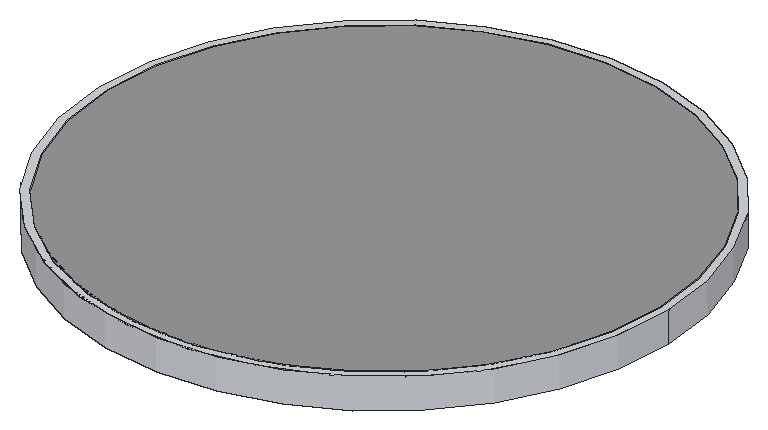
Revit family "2071314", category Lighting Fixtures, host Face, Revit 2018
Family settings
  Host = Face
  Round Connector Dimension = Use Diameter
  Part Type = Junction Box
  OmniClass Number = 23.80.70.00
  OmniClass Title = Lighting
  Cut with Voids When Loaded = No
  Light Source = Yes
  Shared = No
  Room Calculation Point = No
Parameters (values of type "2071314 COLOSSAL 1200 840 OP DIR+H WHT DALI EM")
  iner diameter = 1168 mm
  Weight = "n/a"
  Wattage Comments = ""
  Wattage = 30 W
  WarrantyStartDate [instance] = "n/a"
  WarrantyGuarantorParts = "n/a"
  WarrantyDurationUnit = "n/a"
  WarrantyDurationParts = ""
  WarrantyDescription = "http://www.sylvania-lighting.com"
  built-in parameter 1150110 = 1 (stored number, unit not read)
  Voltage = 230 V
  URL = "0.95"
  TypeName = "COLOSSAL 1200mm 840 OPAL DIR+HAL WHITE DALI EM"
  Type Image = <None>
  Type Comments = "n/a"
  built-in parameter 1114217 = 1 (stored number, unit not read)
  Tilt Angle = -90.00°
  built-in parameter 1150109 = 1 (stored number, unit not read)
  built-in parameter 1150134 = (empty or 0)
  built-in parameter 1150113 = 1 (stored number, unit not read)
  SerialNumber [instance] = "n/a"
  Photometric Web File = "2071314.ies"
  Material_3_SYL = LED-Sylvania
  PowerFactor = 0
  PowerConsumption = "Lighting"
  NominalLength = 1168 mm
  NominalHeight = 93 mm
  NominalDepth = 1168 mm
  Name = "COLOSSAL 1200mm 840 OPAL DIR+HAL WHITE DALI EM"
  ModelReference = Name  # "COLOSSAL 1200mm 840 OPAL DIR+HAL WHITE DALI EM"
  ModelNumber = "2071314"
  Model = Name  # "COLOSSAL 1200mm 840 OPAL DIR+HAL WHITE DALI EM"
  Material = "Feilo Sylvania"
  ManufacturerName = "141 lm/W"
  Manufacturer = ""
  LuminousEfficacy = ""
  built-in parameter 1150105 = 270.44 (stored number, unit not read)
  Lumens = 3398.4 lm
  LuminaireType = "0"
  built-in parameter 1150115 = 1 (stored number, unit not read)
  LightOutputRatio = "LED"
  built-in parameter 1150137 = (empty or 0)
  built-in parameter 1150139 = (empty or 0)
  LampsType = Lamp  # "n/a"
  LampNominalLuminous = "4000 K"
  LampMacAdamStep = "80"
  LampColourTemperature = "LED"
  LampColourRenderingIndex = "16500"
  built-in parameter 1150112 = 1 (stored number, unit not read)
  built-in parameter 1150114 = 1 (stored number, unit not read)
  Lamp = "n/a"
  Keynote = "n/a"
  InstallationDate [instance] = "n/a"
  InputVoltage = "0"
  InputNominalFrequency = "4000"
  built-in parameter 1150132 = (empty or 0)
  built-in parameter 1150102 = (empty or 0)
  built-in parameter 1150107 = 3000 (stored number, unit not read)
  built-in parameter 1150138 = (empty or 0)
  IngressProtection = "IfcLightFixtureType"
  ImpactProtectionIndex = "IfcLightFixtureType"
  built-in parameter 1150106 = 2.7044 (stored number, unit not read)
  IfcExportType = "IfcLightFixtureType"
  IfcExportAs = "Class I"
  Emit from Circle Diameter = 385 mm
  Emit Shape Visible in Rendering = no
  ElectricShockClassification = "141"
  built-in parameter 1150104 = 10.524 (stored number, unit not read)
  DocumentationLiterature = "http://www.sylvania-lighting.com/product/en-int/products/2071314"
  DimmingControlOptions = "n/a"
  Material_2_SYL = Polycarbonate_Sylvania_White
  Dimming Lamp Color Temperature Shift = <None>
  Description = "1200mm diameter circular architectural luminaire, can be surface mounted or suspended. Powder coated aluminium housing (RAL9016) with polycarbonate opal diffuser. Direct/indirect (halo) light distribution, 22175lm luminuous flux, 157W system power, 141lm/W luminiaire efficacy. DALI dimmable. 3 hours integrated emergency. Colour rendering index Ra >80, 4000K Neutral White LED, chromaticity tolerance of 3-step MacAdam ellipse. IP40/IP20, IK03. 450mA drive current. Electrical protection Class1, 220-240V. Reported lifetime 66k hours L90B10."
  Default Elevation = 1219.2 mm
  CreatedOn = "23/03/2022"
  CreatedBy = "@sylvania-lighting.com"
  Cost = 0
  Color Filter = 16777215
  built-in parameter 1114216 [instance] = (empty or 0)
  ClassificationValue = "EF_70_80"
  ClassificationName = "Uniclass2015"
  Material_1_SYL = Polycarbonate_Sylvania_Opal
  BarCode [instance] = "n/a"
  built-in parameter 1114218 = 1 (stored number, unit not read)
  built-in parameter 1150133 = 10 (stored number, unit not read)
  AssetType = "Fixed"
  AssetIdentifier [instance] = "n/a"
  Assembly Code = "D5020200"
  Apparent Load = 157 VA
  Material_4_SYL = none
Reference planes
  plane 1 "Center (Front/Back)": y = 0
  plane 2: z = 0
  plane 3 "Center (Left/Right)": x = 0
  plane 4: z = 1.161
  plane 5: z = 16.161
  plane 6: y = 584
  plane 7: y = -584
  plane 8: x = 85
  plane 9: x = -85
  plane 10: through (0, 0, 1219.2) normal (0.5, 0.866, 0)
  plane 11: through (42.5, 73.612, 1219.2) normal (0.5, 0.866, 0)
  plane 12: through (-42.5, -73.612, 1219.2) normal (0.5, 0.866, 0)
  plane 13: through (0, 0, 1219.2) normal (0.5, -0.866, 0)
  plane 14: through (-42.5, 73.612, 1219.2) normal (0.5, -0.866, 0)
  plane 15: through (42.5, -73.612, 1219.2) normal (0.5, -0.866, 0)
  plane 16: z = 93
  plane 17: y = 584
  plane 18: y = -584
  plane 19: y = -429
  plane 20: x = -584
  plane 21: x = 584
Forms (mm)
  Extrusion 1, solid, detail levels medium+fine
    sketch origin (0, 0, 0) x (0.866025, -0.5, 0) y (0.5, 0.866025, 0)
      loop
        circle (-50, 86.603) r 22
    from 0 to 2
  Extrusion 2, solid, detail levels medium+fine
    sketch origin (0, 0, 0) x (0.866025, -0.5, 0) y (0.5, 0.866025, 0)
      loop
        circle (100, 0) r 22
      loop
        circle (-50, -86.603) r 22
    from 0 to 2
  Extrusion 3, solid, detail levels medium+fine
    sketch origin (0, 0, 0) x (1, 0, 0) y (0, 1, 0)
      loop
        circle (0, 0) r 584
    from 30 to 93
  Extrusion 4, void
    sketch origin (0, 0, 0) x (1, 0, 0) y (0, 1, 0)
      loop
        circle (0, 0) r 568
    from 96.588 to 37.292
  Extrusion 5, solid, material "Glass, White, High Luminance", detail levels fine
    sketch origin (0, 0, 0) x (1, 0, 0) y (0, 1, 0)
      loop
        circle (0, 0) r 568
    from 88.022 to 93
  Extrusion 6, solid, detail levels coarse
    sketch origin (0, 0, 0) x (1, 0, 0) y (0, 1, 0)
      loop
        line (-584, 584) -> (-584, -584) -> (584, -584) -> (584, 584) -> (-584, 584)
    from 0 to 93
  Blend 7, solid, detail levels medium+fine
    base sketch origin (-10.814, 11.299, 29.922) x (1, 0, 0) y (0, 1, 0)
      loop
        line (-402.654, -330.622) -> (397.346, -330.622) -> (482.346, -183.398) -> (82.346, 509.423) -> (-87.654, 509.423) -> (-487.654, -183.398) -> (-402.654, -330.622)
    top sketch origin (-10.814, 11.299, 29.922) x (1, 0, 0) y (0, 1, 0)
      loop
        line (-363.391, -306.496) -> (364.632, -306.496) -> (449.632, -159.272) -> (87.132, 468.597) -> (-82.868, 468.597) -> (-445.368, -159.272) -> (-363.391, -306.496)
    from 0 to -30
Cuts and joins
  Extrusion 4 cuts Extrusion 1
  Extrusion 4 cuts Extrusion 2
  Extrusion 4 cuts Extrusion 3
Lines and regions (mm)
  model lines, detail levels medium+fine
    curve 1: circle (0, 0, 0) r 155 normal (0, 0, 1)
  reference lines
    curve 2: circle (0, 0, 0) r 489 normal (0, 0, 1)
    curve 3: circle (0, 0, 0) r 521 normal (0, 0, 1)
    curve 4: line (0, 0, 0) -> (606.218, -350, 0)
    curve 5: line (0, 0, 0) -> (0, 825, 0)
    curve 6: line (0, 0, 0) -> (-623.538, -360, 0)
    curve 7: line (639.013, -270.785, 0) -> (85, 49.075, 0)
    curve 8: line (563.718, -423.612, 0) -> (0, -98.15, 0)
    curve 9: line (85, 49.075, 0) -> (85, 825, 0)
    curve 10: line (-85, 49.075, 0) -> (-85, 825, 0)
    curve 11: line (-85, 49.075, 0) -> (-666.038, -286.388, 0)
    curve 12: line (-581.038, -433.612, 0) -> (0, -98.15, 0)
Dimensions and locks
  plane 4 to level = 1.161 mm
  locked: plane 5 to plane 4 at 15
  "NominalDepth": plane 6 to plane 7
  plane 6 to plane 1 "Center (Front/Back)" to plane 7 = 584 mm, 584 mm
  "NominalHeight": level to plane 16
  equal spacing: plane 17, plane 1 "Center (Front/Back)", plane 18
  "NominalLength": plane 20 to plane 21
  equal spacing: plane 20, plane 3 "Center (Left/Right)", plane 21
  aligned and locked: plane 2 to host face
  aligned and locked: level to host face
  aligned and locked: plane 6 to Extrusion 6
Automatic sketch dimensions
  host sketch curve to host sketch curve = 2438.4 mm  (x2)
  Extrusion 1 sketch curve to plane 3 "Center (Left/Right)" = 0 mm
  Extrusion 1 sketch curve to plane 1 "Center (Front/Back)" = 100 mm
  plane 1 "Center (Front/Back)" to Extrusion 2 sketch curve = 50 mm
  Extrusion 2 sketch curve to plane 3 "Center (Left/Right)" = 86.603 mm
  Extrusion 2 sketch curve to Extrusion 2 sketch curve = 150 mm
  Extrusion 2 sketch curve to Extrusion 2 sketch curve = 86.603 mm
  plane 1 "Center (Front/Back)" to curve 1 = 0 mm
  curve 1 to plane 3 "Center (Left/Right)" = 0 mm
  plane 1 "Center (Front/Back)" to Extrusion 3 sketch curve = 0 mm
  Extrusion 3 sketch curve to plane 3 "Center (Left/Right)" = 0 mm
  plane 1 "Center (Front/Back)" to Extrusion 4 sketch curve = 0 mm
  Extrusion 4 sketch curve to plane 3 "Center (Left/Right)" = 0 mm
  plane 1 "Center (Front/Back)" to Extrusion 5 sketch curve = 0 mm
  Extrusion 5 sketch curve to plane 3 "Center (Left/Right)" = 0 mm
  curve 2 to curve 3 = 0 mm  (x2)
  curve 11 to plane 14 = 0 mm
  curve 6 to plane 13 = 0 mm
  curve 12 to plane 15 = 0 mm
  curve 10 to plane 9 = 0 mm
  curve 12 to plane 3 "Center (Left/Right)" = 0 mm
  plane 1 "Center (Front/Back)" to curve 3 = 0 mm
  curve 3 to plane 3 "Center (Left/Right)" = 0 mm
  curve 7 to plane 8 = 0 mm
  curve 11 to plane 10 = 0 mm
  curve 12 to plane 19 = 4.612 mm
  plane 19 to curve 6 = 69 mm
  plane 19 to curve 11 = 142.612 mm
  plane 19 to curve 8 = 5.388 mm
  plane 19 to curve 4 = 79 mm
  plane 19 to curve 7 = 158.215 mm
  plane 6 to curve 5 = 241 mm
  curve 10 to curve 5 = 0 mm
  curve 5 to curve 9 = 0 mm
  plane 1 "Center (Front/Back)" to curve 6 = 0 mm
  curve 6 to plane 3 "Center (Left/Right)" = 0 mm
  Extrusion 6 sketch curve to plane 7 = 0 mm
  Extrusion 6 sketch curve to plane 6 = 0 mm
  Blend 7 sketch curve to plane 6 = 756.098 mm  (x2)
  Blend 7 sketch curve to Blend 7 sketch curve = 85 mm
  plane 3 "Center (Left/Right)" to Blend 7 sketch curve = 386.532 mm
  plane 8 to Blend 7 sketch curve = 386.532 mm
  Blend 7 sketch curve to plane 6 = 63.278 mm
  Blend 7 sketch curve to plane 6 = 731.972 mm  (x2)
  Blend 7 sketch curve to Blend 7 sketch curve = 81.977 mm
  plane 3 "Center (Left/Right)" to Blend 7 sketch curve = 353.818 mm
  plane 8 to Blend 7 sketch curve = 353.818 mm
  Blend 7 sketch curve to plane 6 = 104.104 mm
  plane 12 to curve 8 = 0 mm
  plane 19 to Blend 7 sketch curve = 109.677 mm
  plane 19 to Blend 7 sketch curve = 133.803 mm
  plane 8 to Extrusion 6 sketch curve = 499 mm
  Extrusion 6 sketch curve to plane 9 = 499 mm
  Blend 7 sketch curve to plane 8 = 13.468 mm
  Blend 7 sketch curve to plane 9 = 13.468 mm
  Blend 7 sketch curve to plane 9 = 328.468 mm
  Blend 7 sketch curve to plane 8 = 8.682 mm
  Blend 7 sketch curve to plane 9 = 8.682 mm
  Blend 7 sketch curve to plane 9 = 289.205 mm
  plane 10 to curve 4 = 0 mm
  plane 11 to curve 7 = 0 mm
  curve 12 to plane 12 = 0 mm
  curve 9 to plane 11 = 0 mm
  radius of Extrusion 1 sketch curve = 22 mm
  radius of Extrusion 2 sketch curve = 22 mm  (x2)
  radius of curve 1 = 155 mm
  radius of Extrusion 3 sketch curve = 584 mm
  radius of Extrusion 4 sketch curve = 568 mm
  radius of Extrusion 5 sketch curve = 568 mm
  radius of curve 2 = 489 mm
  radius of curve 3 = 521 mm
Connectors
  electrical at (0, 0, 30)
    settings: on cut or joined group of Extrusion 3, Extrusion 4, index 1, voltage 0 V, apparent load 0 VA, apparent load phase1 0 VA, apparent load phase2 0 VA, apparent load phase3 0 VA, power factor 1, load classification "Other", number of poles 1, system type 31, power factor state 1, is connector primary yes, connector utility no, sub classification motor no, connector description ""
